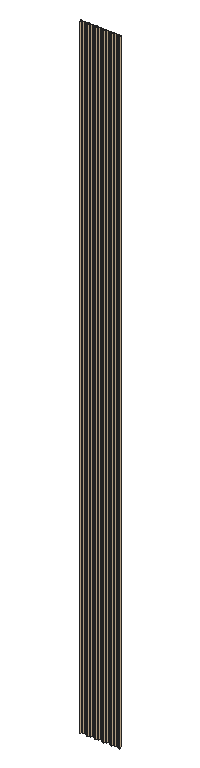
Revit family "H TRACK", category Mechanical Equipment, Revit 2017
Family settings
  Round Connector Dimension = Use Diameter
  Part Type = Normal
  Work Plane-Based = No
  Always vertical = Yes
  Cut with Voids When Loaded = No
  Shared = No
  Room Calculation Point = No
Parameters (values of type "Pine")
  URL = ""
  Single = Panel Number = 1  # no
  Panel Number = 5
  Distance between beam = 0 mm
  Array Number = if(Panel Number = 1, 2, Panel Number)  # 5
  Model = "H track"
  Manufacturer = "gtoaluminum"
  Height = 3000 mm
  Finish = Pine, Scots
  Description = "This profile is our best-selling item within the 4cm cladding category. It is perfect for covering cracks, peelings, and marks on walls without the need for wall treatment. It can be used for pergolas, fences, doors, ceilings, and both interior and exterior walls. It comes in different shades of wood and other colors or can be painted in a custom color. The installation is straightforward, and the finishing looks seamless without any noticeable screws or marks."
  Bottom Offset = 50 mm
  Array = not(Single)  # yes
Types (8, lengths in mm): name | Panel Number | Distance between beam | Array Number | Height | Finish | Bottom Offset
  (no name) | 5 | 0 | 5 | 3000 | Pine, Scots | 50
  Espresso | 5 | 5 | 5 | 3000 | Espresso | 50
  Oak | 25 | 2 | 25 | 1000 | Wood (Oak) | 0
  Pine | 5 | 0 | 5 | 3000 | Pine, Scots | 50
  Gray | 5 | 5 | 5 | 3000 | Gray | 50
  Charcol | 15 | 5 | 15 | 1500 | Charcol | 50
  Matte | 5 | 5 | 5 | 3000 | Matte | 50
  gloss | 5 | 5 | 5 | 3000 | Gloss | 50
Reference planes
  plane 1 "Center (Front/Back)": y = 0
  plane 2: z = 0
  plane 3 "Center (Left/Right)": x = 0
  plane 4: x = 37
  plane 5: x = 37
Dimensions and locks
  equal spacing: group 1, group 2, group 3, group 4, group 5  (x3)
  locked: plane 3 "Center (Left/Right)" to plane 4 at 37
  "Distance between beam": plane 4 to plane 5
  aligned and locked: level to plane 2
  aligned and locked: plane 3 "Center (Left/Right)" to nested 1
  aligned and locked: plane 3 "Center (Left/Right)" to nested 3
  aligned and locked: plane 5 to nested 2
Nested families
  nested 1: "profile" at (0, 0, 0), visible <- "Array", type "profile"
  nested 2: "profile" at (37, 0, 0), visible <- "Array", type "profile"
  nested 3: "profile" at (0, 0, 0), visible <- "Single", type "profile"
  nested 4: "profile" at (74, 0, 0), visible <- "Array", type "profile"
  nested 5: "profile" at (111, 0, 0), visible <- "Array", type "profile"
  nested 6: "profile" at (148, 0, 0), visible <- "Array", type "profile"
Definition of nested family "profile"
  Parameters (values of type "profile")
    Height = 3000 mm
    Finish = none
    Bottom Offset = 50 mm
  Reference planes
    plane 1 "Center (Front/Back)": y = 0
    plane 2: z = 0
    plane 3 "Center (Left/Right)": x = 0
    plane 4: z = 3000
    plane 5: z = 50
  Forms (mm)
    Extrusion 1, solid, material <- "Finish"
      sketch origin (-100, 1.4, 0) x (1, 0, 0) y (0, 1, 0)
        loop
          line (100, 9.3) -> (100, -1.4) -> (103.503, -1.4) -> (103.503, 0.399) -> (101.207, 0.399) -> (101.207, 4.103) -> (113.505, 4.103) -> (113.505, 8.104) -> (123.506, 8.104) -> (123.506, 4.103) -> (135.804, 4.103) -> (135.804, 0.399) -> (133.497, 0.399) -> (133.497, -1.4) -> (137, -1.4) -> (137, 9.3) -> (132.942, 9.3) -> (132.251, 8.104) -> (135.804, 8.104) -> (135.804, 5.299) -> (124.702, 5.299) -> (124.702, 9.3) -> (112.298, 9.3) -> (112.298, 5.299) -> (101.207, 5.299) -> (101.207, 8.104) -> (104.749, 8.104) -> (104.058, 9.3) -> (100, 9.3)
      from 50 to 3000
  Dimensions and locks
    "Height": plane 4 to plane 2
    "Bottom Offset": plane 5 to level
    aligned and locked: level to plane 2
    aligned and locked: Extrusion 1 to plane 4
    aligned and locked: plane 5 to Extrusion 1
  Automatic sketch dimensions
    Extrusion 1 sketch curve to plane 1 "Center (Front/Back)" = 0 mm
    plane 3 "Center (Left/Right)" to Extrusion 1 sketch curve = 37 mm
    Extrusion 1 sketch curve to Extrusion 1 sketch curve = 1.196 mm  (x7)
    Extrusion 1 sketch curve to Extrusion 1 sketch curve = 0 mm  (x3)
    Extrusion 1 sketch curve to Extrusion 1 sketch curve = 2.307 mm
    Extrusion 1 sketch curve to Extrusion 1 sketch curve = 8.795 mm
    Extrusion 1 sketch curve to Extrusion 1 sketch curve = 10.001 mm
    Extrusion 1 sketch curve to Extrusion 1 sketch curve = 1.207 mm  (x2)
    Extrusion 1 sketch curve to Extrusion 1 sketch curve = 7.549 mm
    Extrusion 1 sketch curve to Extrusion 1 sketch curve = 0.69 mm  (x2)
    Extrusion 1 sketch curve to Extrusion 1 sketch curve = 1.246 mm
    Extrusion 1 sketch curve to Extrusion 1 sketch curve = 2.852 mm
    Extrusion 1 sketch curve to Extrusion 1 sketch curve = 1.799 mm  (x2)
    Extrusion 1 sketch curve to Extrusion 1 sketch curve = 3.704 mm  (x2)
    Extrusion 1 sketch curve to Extrusion 1 sketch curve = 2.805 mm  (x2)
    Extrusion 1 sketch curve to Extrusion 1 sketch curve = 4.001 mm
    Extrusion 1 sketch curve to Extrusion 1 sketch curve = 2.862 mm
